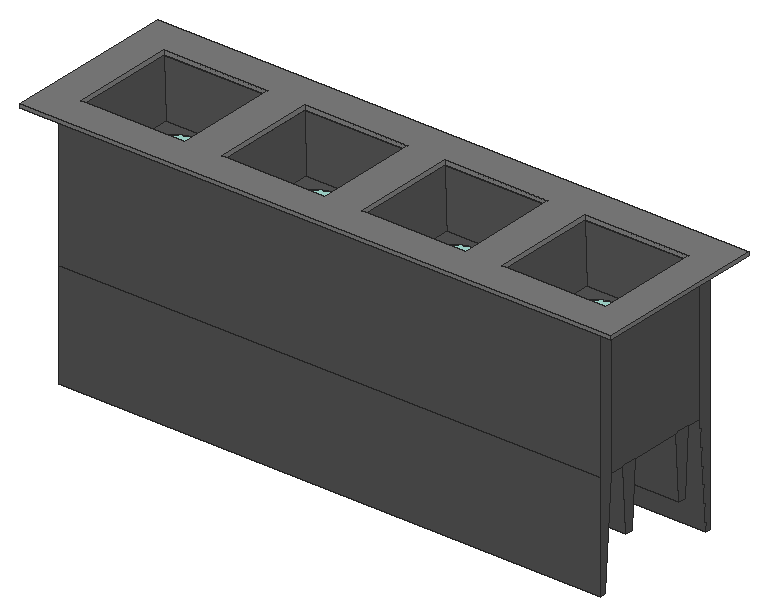
Revit family "Bitpop 4.1A", category Lighting Fixtures, host Face, Revit 2017
Family settings
  Host = Face
  Round Connector Dimension = Use Diameter
  Part Type = Normal
  Cut with Voids When Loaded = Yes
  Light Source = Yes
  Shared = No
  Room Calculation Point = Yes
Parameters (values of type "Bitpop 4.1_ F 30° (3000K 26W 230Vac)")
  Wiring = "-"
  Width mm = 49 mm
  Weight kg = "0.42"
  Wattage = 12.9256 W
  built-in parameter 1150110 = 1 (stored number, unit not read)
  Voltage = 230 V
  URL Technical sheet = "https://www.lucelight.it/media/prodotti/st/ST_BITPOP_41.pdf"
  URL Image = "https://www.lucelight.it/media/prodotti/foto/bitpop_4.1_still.jpg"
  URL IES Photometric file = "https://www.lucelight.it/media/prodotti/fotometrie/bitpop_4.1_ies.zip"
  URL General code = "https://www.lucelight.it/en/prodotto.php/102438#a-generacodice"
  URL Description = "https://www.lucelight.it/en/capitolato.php/102438"
  URL DXF = "https://www.lucelight.it/media/prodotti/dxf/bitpop_4.1.dxf"
  URL Catalogue = "https://www.lucelight.it/media/prodotti/brochure/bitpop_brochure_en.pdf"
  URL Accessories and power supply units = "https://www.lucelight.it/en/prodotto.php/102438#a-scheda-accessori"
  URL = "https://www.lucelight.it/en/prodotto.php/102438"
  built-in parameter 1114217 = 1 (stored number, unit not read)
  Tilt Angle = 90.00°
  built-in parameter 1150109 = 1 (stored number, unit not read)
  built-in parameter 1150134 = (empty or 0)
  built-in parameter 1150113 = 1 (stored number, unit not read)
  Photometric Web File = "BITPOP 4.1 F 30° [3000K 26W 230Vac].IES"
  Model = "Bitpop 4.1"
  Manufacturer = "L&L Luce&Light"
  built-in parameter 1150105 = 152.79 (stored number, unit not read)
  Lumens = 1920 lm
  built-in parameter 1150115 = 1 (stored number, unit not read)
  built-in parameter 1150137 = (empty or 0)
  built-in parameter 1150139 = (empty or 0)
  built-in parameter 1150112 = 1 (stored number, unit not read)
  built-in parameter 1150114 = 1 (stored number, unit not read)
  built-in parameter 1150132 = 2
  built-in parameter 1150102 = (empty or 0)
  built-in parameter 1150107 = 3000 (stored number, unit not read)
  built-in parameter 1150138 = (empty or 0)
  built-in parameter 1150106 = 1.5279 (stored number, unit not read)
  Geometry = Bitpop4.1_mod : Bitpop 4.1
  Trim = L&L_Steel
  Power supply unit = "included and wired"
  Power supply = "230Vac"
  Power cables = "includes 0.30 m cable"
  Power = "26W (also available: 18W - ref. URL Technical sheet)"
  Optics = "30°"
  Notes = "ceiling-mounted version Bitpop C"
  No. and type of led = "4 high-intensity power LEDs"
  Mounting = "recessed (ceiling: flush or deep set)"
  Material = "body in black anodized aluminium trim in steel"
  Lumen output at source = "1400 lm (3000K, 18W); 1920 lm (3000K, 26W)"
  Lens = L&L_Lens
  Length mm = 169 mm
  LED Colour = "3000K (also available: 2700K and 4000K - ref. URL Technical sheet)"
  IP = "40; 44 installed"
  Height void = 42 mm
  Length void = 162 mm
  Width void = 42 mm
  Height mm = 71 mm
  Features = "UGR < 10 for 17° and 30° optics"
  Energy efficiency class = "A A+ A++"
  Emit from Line Length = 609.6 mm
  built-in parameter 1150104 = 13.8 (stored number, unit not read)
  Dimming Lamp Color Temperature Shift = <None>
  Description = "Indoor recessed"
  Delivered lumen output = "992 lm (3000K, 30°, 18W); 1340 lm (3000K, 30°, 26W)"
  Default Elevation = 1219.2 mm
  Cutout dimensions = "162x42 mm"
  Control system = "on/off; 1-10V + PUSH; DALI + PUSH"
  Contact = "T: +39 0444 360571; E: lucelight@lucelight.it"
  Company = "L&L Luce&Light"
  Color Filter = 16777215
  Code = "BP4110 B White; BP4110 N Black; BP4111 B White; BP4111 N Black"
  CRI = "90 (also available: CRI 80 - ref. URL Technical sheet)"
  Body = L&L_Black anodized aluminium
  built-in parameter 1114218 = 1 (stored number, unit not read)
  built-in parameter 1150133 = 10 (stored number, unit not read)
  Apparent Load Phase 1 = 26 W
Types (8, lengths in mm): name | Photometric Web File | Model | Geometry | Optics | LED Colour | Length void | Width void
  Bitpop 4.1_ F 30° (3000K 26W 230Vac) | "BITPOP 4.1 F 30° [3000K 26W 230Vac].IES" | "Bitpop 4.1" | Bitpop4.1_mod : Bitpop 4.1 | "30°" | "3000K (also available: 2700K and 4000K - ref. URL Technical sheet)" | 162 | 42
  Bitpop 4.1_ L 42° (3000K 26W 230Vac) | "BITPOP 4.1 L 42° [3000K 26W 230Vac].IES" | "Bitpop 4.1" | Bitpop4.1_mod : Bitpop 4.1 | "42°" | "3000K (also available: 2700K and 4000K - ref. URL Technical sheet)" | 162 | 42
  Bitpop 4.1_ S 17° (3000K 26W 230Vac) | "BITPOP 4.1 S 17° [3000K 26W 230Vac].IES" | "Bitpop 4.1" | Bitpop4.1_mod : Bitpop 4.1 | "17°" | "3000K (also available: 2700K and 4000K - ref. URL Technical sheet)" | 162 | 42
  Bitpop 4.1_ W 17°x45° (3000K 26W 230Vac) | "BITPOP 4.1 W 17°x45° [3000K 26W 230Vac].IES" | "Bitpop 4.1" | Bitpop4.1_mod : Bitpop 4.1 | "17°x45°" | "3000K (also available: 2700K and 4000K - ref. URL Technical sheet)" | 162 | 42
  Bitpop 4.1_Recessed_ F 30° (3000K 26W 230Vac) | "BITPOP 4.1 F 30° [3000K 26W 230Vac].IES" | "Bitpop 4.1_Recessed" | Bitpop4.1_Recessed_mod : Bitpop 4.1 recessed | "30°" | "3000K (also available: 2700K and 4000K - ref. URL Technical sheet)" | 173 | 53
  Bitpop 4.1_Recessed_ L 42° (3000K 26W 230Vac) | "BITPOP 4.1 L 42° [3000K 26W 230Vac].IES" | "Bitpop 4.1_Recessed" | Bitpop4.1_Recessed_mod : Bitpop 4.1 recessed | "42°" | "3000K (also available: 2700K and 4000K - ref. URL Technical sheet)" | 173 | 53
  Bitpop 4.1_Recessed_ S 17° (3000K 26W 230Vac) | "BITPOP 4.1 S 17° [3000K 26W 230Vac].IES" | "Bitpop 4.1_Recessed" | Bitpop4.1_Recessed_mod : Bitpop 4.1 recessed | "17°" | "3000K (also available: 2700K and 4000K - ref. URL Technical sheet)" | 173 | 53
  Bitpop 4.1_Recessed_ W 17°x45° (3000K 26W 230Vac) | "BITPOP 4.1 W 17°x45° [3000K 26W 230Vac].IES" | "Bitpop 4.1_Recessed" | Bitpop4.1_Recessed_mod : Bitpop 4.1 recessed | "17°x45°" | "3000K (also available: 2700K and 4000K - ref. URL Technical sheet)" | 173 | 53
Reference planes
  plane 1 "Center (Front/Back)": y = 0
  plane 2: z = 0
  plane 3 "Center (Left/Right)": x = 0
  plane 4: x = -81
  plane 5: x = 81
  plane 6: y = 21
  plane 7: y = -21
  plane 8: z = -42
Forms (mm)
  Extrusion 1, void
    sketch origin (-11.1, 1.1, 0) x (1, 0, 0) y (0, 1, 0)
      loop
        line (-69.9, 19.9) -> (-69.9, -22.1) -> (92.1, -22.1) -> (92.1, 19.9) -> (-69.9, 19.9)
    from 0 to -42
Dimensions and locks
  "Length void": plane 4 to plane 5
  "Width void": plane 7 to plane 6
  "Height void": plane 8 to plane 2
  equal spacing: plane 4, plane 3 "Center (Left/Right)", plane 5
  equal spacing: plane 7, plane 1 "Center (Front/Back)", plane 6
  aligned and locked: plane 2 to host face
  aligned and locked: level to host face
  aligned and locked: plane 2 to Extrusion 1
  aligned and locked: plane 8 to Extrusion 1
  aligned and locked: Extrusion 1 to plane 6
  aligned and locked: plane 7 to Extrusion 1
  aligned and locked: Extrusion 1 to plane 4
  aligned and locked: plane 5 to Extrusion 1
Automatic sketch dimensions
  host sketch curve to host sketch curve = 2438.4 mm  (x2)
  Extrusion 1 sketch curve to plane 4 = 0 mm
  Extrusion 1 sketch curve to plane 7 = 0 mm
  Extrusion 1 sketch curve to plane 6 = 0 mm
  Extrusion 1 sketch curve to plane 5 = 0 mm
Nested families
  nested 1: "Bitpop4.1_mod" at (-84.5, 0, -70), type <- "Geometry", type "Bitpop 4.1"
Connectors
  electrical at (0, 0, 0), driven by "Voltage", driven by "Apparent Load Phase 1"
    settings: index 1, voltage 230 V, apparent load 0 VA, apparent load phase1 26 VA, apparent load phase2 0 VA, apparent load phase3 0 VA, power factor 1, load classification "Other", number of poles 1, system type 31, power factor state 1, is connector primary yes, connector utility no, sub classification motor no, connector description ""
Definition of nested family "Bitpop4.1_mod"
  Parameters (values of type "Bitpop 4.1")
    Wings length 1.2 = 93 mm
    Wings 1.1 = no
    Wings 1.0 = yes
    Width box = 39 mm
    Width = 49 mm
    Void Offset y = 3.5 mm
    Trim = none
    Offset Void = 1 mm
    Offset = 7 mm
    N° Copies = 4
    Light source position 2 = 928 mm
    Light Source Position = 929 mm
    Lens = none
    Length wings 1.1 = 52 mm
    Length Wings = 155 mm
    External box = no
    Center position = 400 mm - Length cover plate / 2  # 315.5 mm
    Length cover plate = 169 mm
    Default Elevation = 1219.2 mm
    Body = none
  Reference planes
    plane 1 "Light Source Axis (F/B)": y = 0
    plane 2: z = 0
    plane 3: x = 0
    plane 4 "Light Source Elevation": z = 71
    plane 5: x = -400
    plane 6: z = 1000
    plane 7: y = 24.5
    plane 8: y = -24.5
    plane 9: x = 169
    plane 10: y = 19.5
    plane 11: y = -19.5
    plane 12: x = 7
    plane 13: x = 162
    plane 14 "Light Source Axis (L/R)": x = 84.5
    plane 15: x = -84.1
    plane 16: x = 6.2
    plane 17: x = 5.167
    plane 18: x = 162.8
    plane 19: x = 163.765
    plane 20: z = 70
    plane 21: z = 55
    plane 22: z = 54
    plane 23: z = 57.889
    plane 24: z = 50.979
    plane 25: z = 29.6
    plane 26: z = 72
    plane 27: x = 144.8
    plane 28: x = 104.7
    plane 29: x = 64.6
    plane 30: x = 24.5
  Forms (mm)
    Extrusion 1, solid, material <- "Trim", detail levels medium+fine
      sketch origin (0, 0, 0) x (1, 0, 0) y (0, 1, 0)
        loop
          line (0, 24.5) -> (0, -24.5) -> (169, -24.5) -> (169, 24.5) -> (0, 24.5)
      from 70 to 71
    Extrusion 2, solid, material <- "Body", detail levels medium+fine
      sketch origin (1, -6.552, 71) x (0, -1, 0) y (0, 0, 1)
        loop
          line (12.948, -1) -> (-26.052, -1) -> (-26.052, -41.4) -> (12.948, -41.4) -> (12.948, -1)
      from -161 to -6
    Extrusion 3, solid, material <- "Body", detail levels fine
      sketch origin (2, -7.152, -67.409) x (0, -1, 0) y (0, 0, 1)
        loop
          line (-26.652, 97.309) -> (-26.652, 67.04) -> (-25.152, 67.04) -> (-22.997, 97.009) -> (-22.997, 137.409) -> (-26.652, 137.409) -> (-26.652, 97.309)
      from -160 to -5
    Extrusion 4, solid, material <- "Body", detail levels fine
      sketch origin (18.9, -6.552, 71) x (0, -1, 0) y (0, 0, 1)
        loop
          line (-15.123, -59.404) -> (-14.052, -41.4) -> (-18.094, -41.4) -> (-16.929, -59.404) -> (-15.123, -59.404)
      from -143.1 to 11.9
    Extrusion 5, solid, material <- "Body", detail levels fine
      sketch origin (18.9, 6.552, 71) x (0, 1, 0) y (0, 0, -1)
        loop
          line (-15.123, 59.404) -> (-16.929, 59.404) -> (-18.094, 41.4) -> (-14.052, 41.4) -> (-15.123, 59.404)
      from -143.1 to 11.9
    Blend 6, void
      base sketch origin (0, 0, 0) x (1, 0, 0) y (0, 1, 0)
        loop
          line (9.671, 14.83) -> (9.671, -14.829) -> (39.33, -14.829) -> (39.33, 14.83) -> (9.671, 14.83)
      top sketch origin (0, 0, 0) x (1, 0, 0) y (0, 1, 0)
        loop
          line (12.387, 12.113) -> (12.387, -12.114) -> (36.614, -12.114) -> (36.614, 12.113) -> (12.387, 12.113)
      from 71 to 55
    Blend 7, void
      base sketch origin (40.1, 0, 0) x (1, 0, 0) y (0, 1, 0)
        loop
          line (9.671, 14.83) -> (9.671, -14.829) -> (39.33, -14.829) -> (39.33, 14.83) -> (9.671, 14.83)
      top sketch origin (40.1, 0, 0) x (1, 0, 0) y (0, 1, 0)
        loop
          line (12.387, 12.113) -> (12.387, -12.114) -> (36.614, -12.114) -> (36.614, 12.113) -> (12.387, 12.113)
      from 71 to 55
    Extrusion 8, void
      sketch origin (0, 0, 6.842) x (1, 0, 0) y (0, 1, 0)
        loop
          circle (24.5, 0) r 10.7
      from 44.137 to 48.158
    Extrusion 9, void
      sketch origin (40.1, 0, 6.842) x (1, 0, 0) y (0, 1, 0)
        loop
          circle (24.5, 0) r 10.7
      from 44.137 to 48.158
    Extrusion 10, solid, material <- "Lens", detail levels medium+fine
      sketch origin (0, 0, 0) x (1, 0, 0) y (0, 1, 0)
        loop
          circle (24.5, 0) r 10.7
      from 54 to 55
    Extrusion 11, solid, material <- "Lens", detail levels medium+fine
      sketch origin (40.1, 0, 0) x (1, 0, 0) y (0, 1, 0)
        loop
          circle (24.5, 0) r 10.7
      from 54 to 55
    Extrusion 12, solid, material <- "Body", detail levels coarse
      sketch origin (0, -125, 0) x (1, 0, 0) y (0, 1, 0)
        loop
          line (0, 149.5) -> (0, 100.5) -> (169, 100.5) -> (169, 149.5) -> (0, 149.5)
      from 0 to 72
    Extrusion 13, solid, material <- "Body", detail levels medium
      sketch origin (0, 0, 0) x (1, 0, 0) y (0, 1, 0)
        loop
          line (7, 19.5) -> (7, -19.5) -> (162, -19.5) -> (162, 19.5) -> (7, 19.5)
      from 0 to 29.6
    Blend 14, void
      base sketch origin (80.2, 0, 0) x (1, 0, 0) y (0, 1, 0)
        loop
          line (9.671, 14.83) -> (9.671, -14.829) -> (39.33, -14.829) -> (39.33, 14.83) -> (9.671, 14.83)
      top sketch origin (80.2, 0, 0) x (1, 0, 0) y (0, 1, 0)
        loop
          line (12.387, 12.113) -> (12.387, -12.114) -> (36.614, -12.114) -> (36.614, 12.113) -> (12.387, 12.113)
      from 71 to 55
    Extrusion 15, void
      sketch origin (80.2, 0, 6.842) x (1, 0, 0) y (0, 1, 0)
        loop
          circle (24.5, 0) r 10.7
      from 44.137 to 48.158
    Extrusion 16, solid, material <- "Lens", detail levels medium+fine
      sketch origin (80.2, 0, 0) x (1, 0, 0) y (0, 1, 0)
        loop
          circle (24.5, 0) r 10.7
      from 54 to 55
    Blend 17, void
      base sketch origin (120.3, 0, 0) x (1, 0, 0) y (0, 1, 0)
        loop
          line (9.671, 14.83) -> (9.671, -14.829) -> (39.33, -14.829) -> (39.33, 14.83) -> (9.671, 14.83)
      top sketch origin (120.3, 0, 0) x (1, 0, 0) y (0, 1, 0)
        loop
          line (12.387, 12.113) -> (12.387, -12.114) -> (36.614, -12.114) -> (36.614, 12.113) -> (12.387, 12.113)
      from 71 to 55
    Extrusion 18, void
      sketch origin (120.3, 0, 6.842) x (1, 0, 0) y (0, 1, 0)
        loop
          circle (24.5, 0) r 10.7
      from 44.137 to 48.158
    Extrusion 19, solid, material <- "Lens", detail levels medium+fine
      sketch origin (120.3, 0, 0) x (1, 0, 0) y (0, 1, 0)
        loop
          circle (24.5, 0) r 10.7
      from 54 to 55
    Extrusion 20, solid, material <- "Body", detail levels fine
      sketch origin (2, 7.152, -67.409) x (0, 1, 0) y (0, 0, -1)
        loop
          line (-26.652, -97.309) -> (-26.652, -137.409) -> (-22.997, -137.409) -> (-22.997, -97.009) -> (-25.152, -67.04) -> (-26.652, -67.04) -> (-26.652, -97.309)
      from -160 to -5
  Cuts and joins
    Blend 6, Blend 7, Blend 14, Blend 17 cuts Extrusion 1
    Blend 6, Blend 7, Extrusion 8, Extrusion 9, Blend 14, Extrusion 15, Blend 17, Extrusion 18 cuts Extrusion 2
    Blend 14 cuts Extrusion 12
    Blend 14 cuts Extrusion 16
    Blend 17 cuts Extrusion 19
  Dimensions and locks
    equal spacing: plane 7, plane 1 "Light Source Axis (F/B)", plane 8, locked at 24.5 each
    "Width": plane 7 to plane 8
    "Length cover plate": plane 3 to plane 9
    equal spacing: plane 10, plane 1 "Light Source Axis (F/B)", plane 11
    "Width box": plane 10 to plane 11
    "Light Source Position": plane 6 to plane 4 "Light Source Elevation"
    "Offset": plane 3 to plane 12
    "Offset": plane 13 to plane 9
    plane 5 to plane 14 "Light Source Axis (L/R)" = 484.5 mm
    locked: plane 12 to plane 16 at 0.8
    locked: plane 17 to plane 16 at 1.033
    locked: plane 18 to plane 13 at 0.8
    locked: plane 19 to plane 18 at 0.965
    plane 20 to plane 4 "Light Source Elevation" = 1 mm
    locked: plane 22 to plane 21 at 1
    locked: plane 21 to plane 20 at 15
    locked: plane 21 to plane 4 "Light Source Elevation" at 16
    locked: plane 24 to plane 23 at 6.91
    locked: plane 23 to plane 4 "Light Source Elevation" at 13.111
    plane 25 to level = 29.6 mm
    equal spacing: plane 3, plane 14 "Light Source Axis (L/R)", plane 9
    plane 4 "Light Source Elevation" to plane 26 = 1 mm
    "Light source position 2": plane 26 to plane 6
    aligned and locked: level to plane 2
    aligned and locked: plane 3 to Extrusion 1 sketch curve
    aligned and locked: plane 8 to Extrusion 1 sketch curve
    aligned and locked: Extrusion 1 sketch curve to plane 9
    aligned and locked: plane 4 "Light Source Elevation" to Extrusion 1
    aligned and locked: Extrusion 2 to Extrusion 1
    aligned and locked: Extrusion 3 to Extrusion 1
    aligned and locked: Extrusion 4 sketch curve to Extrusion 2
    aligned and locked: Extrusion 5 to Extrusion 2
    aligned and locked: Extrusion 3 to plane 12
    aligned and locked: Extrusion 3 to Extrusion 4
    aligned and locked: Extrusion 3 to Extrusion 5
    aligned and locked: plane 13 to Extrusion 3
    aligned and locked: Extrusion 4 to Extrusion 3
    aligned and locked: Extrusion 5 to Extrusion 3
    aligned and locked: Extrusion 2 to Extrusion 3  (x2)
    aligned and locked: Extrusion 1 to plane 20
    aligned and locked: Blend 6 to plane 4 "Light Source Elevation"
    aligned and locked: plane 21 to Blend 6
    aligned and locked: plane 4 "Light Source Elevation" to cut or joined group of Extrusion 1, Blend 6, Blend 7, Blend 14, Blend 17
    aligned and locked: Blend 7 to plane 4 "Light Source Elevation"
    aligned and locked: cut or joined group 1 (Extrusion 2, Blend 6, Blend 7, Extrusion 8, Extrusion 9, Blend 14, Extrusion 15, Blend 17, Extrusion 18) to plane 21  (x6)
    aligned and locked: plane 21 to cut or joined group 1  (x2)
    aligned and locked: Extrusion 8 to plane 24
    aligned and locked: plane 24 to Extrusion 8  (x4)
    aligned and locked: Extrusion 8 to plane 21
    aligned and locked: cut or joined group 1 to plane 24  (x3)
    aligned and locked: Extrusion 10 to plane 21
    aligned and locked: plane 22 to Extrusion 10
    aligned and locked: Extrusion 2 to plane 25
    aligned and locked: plane 26 to Extrusion 12
    aligned and locked: plane 13 to Extrusion 13
    aligned and locked: Extrusion 13 to plane 12
    aligned and locked: Extrusion 13 to cut or joined group 1
  Automatic sketch dimensions
    Blend 6 sketch curve to Blend 6 sketch curve = 29.659 mm  (x2)
    Blend 6 sketch curve to Blend 6 sketch curve = 24.227 mm  (x2)
    Blend 7 sketch curve to Blend 7 sketch curve = 29.659 mm  (x2)
    Blend 7 sketch curve to Blend 7 sketch curve = 24.227 mm  (x2)
    Extrusion 10 sketch curve to Extrusion 10 sketch curve = 10.7 mm
    Extrusion 11 sketch curve to Extrusion 11 sketch curve = 10.7 mm
    Blend 14 sketch curve to Blend 14 sketch curve = 29.659 mm  (x2)
    Blend 14 sketch curve to Blend 14 sketch curve = 24.227 mm  (x2)
    Extrusion 16 sketch curve to Extrusion 16 sketch curve = 10.7 mm
    Blend 17 sketch curve to Blend 17 sketch curve = 29.659 mm  (x2)
    Blend 17 sketch curve to Blend 17 sketch curve = 24.227 mm  (x2)
    Extrusion 19 sketch curve to Extrusion 19 sketch curve = 10.7 mm
    Extrusion 1 sketch curve to plane 7 = 0 mm
    Extrusion 2 sketch curve to plane 10 = 0 mm
    Extrusion 2 sketch curve to plane 11 = 0 mm
    Extrusion 2 sketch curve to plane 25 = 0 mm
    Extrusion 2 sketch curve to plane 20 = 0 mm
    Extrusion 12 sketch curve to plane 3 = 0 mm
    Extrusion 12 sketch curve to plane 8 = 0 mm
    Extrusion 12 sketch curve to plane 9 = 0 mm
    Extrusion 12 sketch curve to plane 7 = 0 mm
    Extrusion 13 sketch curve to plane 11 = 0 mm
    Extrusion 13 sketch curve to plane 12 = 0 mm
    Extrusion 13 sketch curve to plane 13 = 0 mm
    Extrusion 13 sketch curve to plane 10 = 0 mm
    Extrusion 20 sketch curve to plane 11 = 0 mm
    Extrusion 20 sketch curve to plane 20 = 0 mm
    Extrusion 20 sketch curve to plane 25 = 0 mm
    Extrusion 20 sketch curve to Extrusion 20 sketch curve = 3.656 mm
    plane 25 to Extrusion 20 sketch curve = 0.3 mm
    Extrusion 20 sketch curve to level = 0.369 mm
    Extrusion 20 sketch curve to Extrusion 20 sketch curve = 1.5 mm
    Extrusion 5 sketch curve to plane 25 = 0 mm
    plane 11 to Extrusion 5 sketch curve = 7.958 mm
    plane 11 to Extrusion 5 sketch curve = 9.123 mm
    level to Extrusion 5 sketch curve = 11.596 mm
    Extrusion 5 sketch curve to Extrusion 5 sketch curve = 1.807 mm
    Extrusion 5 sketch curve to Extrusion 5 sketch curve = 4.042 mm
    Extrusion 4 sketch curve to plane 1 "Light Source Axis (F/B)" = 8.57 mm
    Extrusion 4 sketch curve to plane 1 "Light Source Axis (F/B)" = 7.5 mm
    level to Extrusion 4 sketch curve = 11.596 mm
    Extrusion 4 sketch curve to Extrusion 4 sketch curve = 1.807 mm
    Extrusion 4 sketch curve to Extrusion 4 sketch curve = 4.042 mm
    Extrusion 3 sketch curve to plane 10 = 0 mm
    Extrusion 3 sketch curve to plane 20 = 0 mm
    Extrusion 3 sketch curve to plane 25 = 0 mm
    Extrusion 3 sketch curve to Extrusion 3 sketch curve = 3.656 mm
    plane 25 to Extrusion 3 sketch curve = 0.3 mm
    Extrusion 3 sketch curve to level = 0.369 mm
    Extrusion 3 sketch curve to Extrusion 3 sketch curve = 1.5 mm
    plane 11 to Blend 17 sketch curve = 4.671 mm
    Blend 17 sketch curve to plane 27 = 14.829 mm
    Blend 17 sketch curve to plane 27 = 12.113 mm
    plane 11 to Blend 17 sketch curve = 7.386 mm
    Extrusion 19 sketch curve to Extrusion 19 sketch curve = 0 mm  (x2)
    plane 1 "Light Source Axis (F/B)" to Extrusion 19 sketch curve = 0 mm
    Extrusion 19 sketch curve to plane 27 = 0 mm
    Blend 14 sketch curve to plane 14 "Light Source Axis (L/R)" = 5.371 mm
    plane 11 to Blend 14 sketch curve = 4.671 mm
    Blend 14 sketch curve to plane 14 "Light Source Axis (L/R)" = 8.087 mm
    plane 11 to Blend 14 sketch curve = 7.386 mm
    Extrusion 16 sketch curve to Extrusion 16 sketch curve = 0 mm  (x2)
    plane 1 "Light Source Axis (F/B)" to Extrusion 16 sketch curve = 0 mm
    Extrusion 16 sketch curve to plane 28 = 0 mm
    plane 11 to Blend 7 sketch curve = 4.671 mm
    Blend 7 sketch curve to plane 29 = 14.829 mm
    Blend 7 sketch curve to plane 29 = 12.113 mm
    plane 11 to Blend 7 sketch curve = 7.386 mm
    Extrusion 11 sketch curve to Extrusion 11 sketch curve = 0 mm  (x2)
    plane 1 "Light Source Axis (F/B)" to Extrusion 11 sketch curve = 0 mm
    Extrusion 11 sketch curve to plane 29 = 0 mm
    plane 12 to Blend 6 sketch curve = 2.671 mm
    plane 11 to Blend 6 sketch curve = 4.671 mm
    plane 12 to Blend 6 sketch curve = 5.387 mm
    plane 11 to Blend 6 sketch curve = 7.386 mm
    Extrusion 10 sketch curve to Extrusion 10 sketch curve = 0 mm  (x2)
    plane 1 "Light Source Axis (F/B)" to Extrusion 10 sketch curve = 0 mm
    plane 30 to Extrusion 10 sketch curve = 0 mm
    plane 1 "Light Source Axis (F/B)" to Extrusion 18 sketch curve = 0 mm
    Extrusion 18 sketch curve to plane 27 = 0 mm
    plane 1 "Light Source Axis (F/B)" to Extrusion 9 sketch curve = 0 mm
    Extrusion 9 sketch curve to plane 29 = 0 mm
    plane 1 "Light Source Axis (F/B)" to Extrusion 15 sketch curve = 0 mm
    Extrusion 15 sketch curve to plane 28 = 0 mm
    plane 1 "Light Source Axis (F/B)" to Extrusion 8 sketch curve = 0 mm
    plane 30 to Extrusion 8 sketch curve = 0 mm
    radius of Extrusion 8 sketch curve = 10.7 mm
    radius of Extrusion 9 sketch curve = 10.7 mm
    radius of Extrusion 15 sketch curve = 10.7 mm
    radius of Extrusion 18 sketch curve = 10.7 mm
